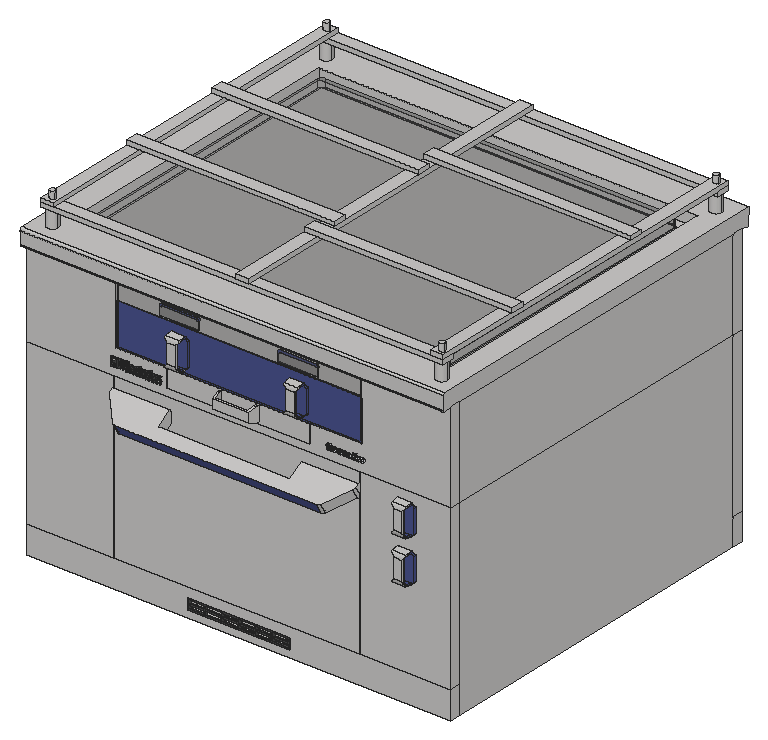
Revit family "QF_ELECTROLUXPROFESSIONAL_589885_MCLOECJ8DM", category Specialty Equipment, Revit 2014 (continued)
Definition of nested family "Front_Panel_W1000_Two Knobs_Back"
  Definition of nested family "ELX_Professional_Logo_Small"
    Forms (mm)
      Extrusion 2, solid, material "QF_Finishes_Black" <- "Material_Logo"
        sketch origin (15.5, 0, 0) x (1, 0, 0) y (0, 1, 0)
          loop
            line (2.865, 4.69) -> (3.898, 4.586) -> (3.898, 6.983)
          loop
            spline (15.638, 1.633) -> (15.586, 2.396) -> (15.435, 3.124) -> (15.192, 3.81) -> (14.863, 4.449) -> (14.455, 5.034) -> (13.975, 5.56) -> (13.43, 6.021) -> (12.826, 6.411) -> (12.17, 6.724) -> (11.469, 6.955) -> (10.729, 7.098) -> (9.958, 7.147)
            spline (9.958, 7.147) -> (9.182, 7.098) -> (8.44, 6.955) -> (7.737, 6.724) -> (7.081, 6.411) -> (6.477, 6.021) -> (5.933, 5.56) -> (5.454, 5.034) -> (5.048, 4.449) -> (4.721, 3.81) -> (4.479, 3.124) -> (4.329, 2.396) -> (4.277, 1.633)
            spline (4.277, 1.633) -> (4.329, 0.869) -> (4.479, 0.141) -> (4.721, -0.544) -> (5.048, -1.183) -> (5.454, -1.768) -> (5.933, -2.294) -> (6.477, -2.755) -> (7.081, -3.145) -> (7.737, -3.459) -> (8.44, -3.69) -> (9.182, -3.833) -> (9.958, -3.882)
            spline (9.958, -3.882) -> (10.729, -3.833) -> (11.469, -3.69) -> (12.17, -3.459) -> (12.826, -3.145) -> (13.43, -2.755) -> (13.975, -2.294) -> (14.455, -1.768) -> (14.863, -1.183) -> (15.192, -0.544) -> (15.435, 0.141) -> (15.586, 0.869) -> (15.638, 1.633)
          loop
            spline (13.18, 1.633) -> (13.151, 2.083) -> (13.067, 2.513) -> (12.932, 2.918) -> (12.748, 3.296) -> (12.52, 3.642) -> (12.251, 3.954) -> (11.943, 4.227) -> (11.601, 4.459) -> (11.228, 4.645) -> (10.828, 4.782) -> (10.403, 4.867) -> (9.958, 4.896)
            spline (9.958, 4.896) -> (9.509, 4.867) -> (9.081, 4.782) -> (8.679, 4.645) -> (8.306, 4.459) -> (7.964, 4.227) -> (7.658, 3.954) -> (7.39, 3.642) -> (7.163, 3.296) -> (6.981, 2.918) -> (6.847, 2.513) -> (6.765, 2.083) -> (6.736, 1.633)
            spline (6.736, 1.633) -> (6.765, 1.182) -> (6.847, 0.753) -> (6.981, 0.347) -> (7.163, -0.031) -> (7.39, -0.377) -> (7.658, -0.689) -> (7.964, -0.962) -> (8.306, -1.193) -> (8.679, -1.38) -> (9.081, -1.517) -> (9.509, -1.602) -> (9.958, -1.631)
            spline (9.958, -1.631) -> (10.403, -1.602) -> (10.828, -1.517) -> (11.228, -1.38) -> (11.601, -1.193) -> (11.943, -0.962) -> (12.251, -0.689) -> (12.52, -0.377) -> (12.748, -0.031) -> (12.932, 0.347) -> (13.067, 0.753) -> (13.151, 1.182) -> (13.18, 1.633)
          loop
            line (17.162, 4.269) -> (17.162, -3.573) -> (19.642, -3.573) -> (19.642, 10.824) -> (17.162, 10.824) -> (17.162, 4.269)
          loop
            line (28.581, 6.838) -> (28.581, 0.786)
            spline (28.581, 0.786) -> (28.561, 0.393) -> (28.503, 0.038) -> (28.409, -0.279) -> (28.281, -0.559) -> (28.122, -0.802) -> (27.933, -1.011) -> (27.717, -1.185) -> (27.476, -1.325) -> (27.213, -1.433) -> (26.929, -1.509) -> (26.626, -1.554) -> (26.308, -1.569)
            spline (26.308, -1.569) -> (25.99, -1.554) -> (25.688, -1.509) -> (25.404, -1.434) -> (25.141, -1.326) -> (24.9, -1.187) -> (24.684, -1.014) -> (24.496, -0.807) -> (24.336, -0.565) -> (24.209, -0.288) -> (24.115, 0.026) -> (24.057, 0.376) -> (24.037, 0.765)
            line (24.037, 0.765) -> (24.037, 6.838) -> (21.537, 6.838) -> (21.537, 0.558)
            spline (21.537, 0.558) -> (21.581, -0.153) -> (21.71, -0.8) -> (21.916, -1.384) -> (22.195, -1.904) -> (22.54, -2.362) -> (22.944, -2.757) -> (23.403, -3.09) -> (23.909, -3.362) -> (24.456, -3.572) -> (25.04, -3.722) -> (25.652, -3.811) -> (26.288, -3.841)
            spline (26.288, -3.841) -> (26.929, -3.811) -> (27.547, -3.72) -> (28.135, -3.568) -> (28.687, -3.355) -> (29.197, -3.079) -> (29.66, -2.741) -> (30.068, -2.341) -> (30.415, -1.877) -> (30.696, -1.349) -> (30.905, -0.757) -> (31.034, -0.101) -> (31.079, 0.621)
            line (31.079, 0.621) -> (31.079, 6.838) -> (28.581, 6.838)
          loop
            line (40.457, -0.243) -> (38.894, 1.942) -> (40.83, 4.579) -> (42.488, 6.837) -> (39.782, 6.837) -> (37.53, 3.719) -> (35.258, 6.837) -> (32.573, 6.837) -> (34.113, 4.731) -> (36.167, 1.922) -> (34.014, -1.076) -> (32.222, -3.573) -> (34.887, -3.573) -> (37.53, 0.104) -> (40.174, -3.573) -> (42.839, -3.573) -> (40.457, -0.243)
          loop
            line (-46.121, -5.837) -> (-48.039, -5.837) -> (-48.039, -10.814) -> (-47.016, -10.814) -> (-47.016, -9.128) -> (-46.121, -9.128)
            arc (-46.121, -9.128) -> (-44.476, -7.482) -> (-46.121, -5.837) r 1.645
          loop
            line (-46.163, -6.778) -> (-47.016, -6.778) -> (-47.016, -8.187) -> (-46.163, -8.187)
            arc (-46.163, -8.187) -> (-45.458, -7.482) -> (-46.163, -6.778) r 0.704
          loop
            line (-38.313, -5.837) -> (-40.265, -5.837) -> (-40.265, -10.814) -> (-39.241, -10.814) -> (-39.241, -9.1) -> (-38.46, -9.182) -> (-37.48, -10.814) -> (-36.318, -10.814) -> (-37.513, -8.848)
            arc (-37.513, -8.848) -> (-36.888, -8.266) -> (-36.671, -7.441) r 1.536
            arc (-36.671, -7.441) -> (-37.165, -6.305) -> (-38.313, -5.837) r 1.643
          loop
            arc (-38.402, -8.166) -> (-37.707, -7.505) -> (-38.334, -6.778) r 0.696
            line (-38.334, -6.778) -> (-39.241, -6.778) -> (-39.241, -8.166) -> (-38.402, -8.166)
          loop
            circle (-29.965, -8.325) r 2.585
          loop
            circle (-29.965, -8.325) r 1.64
          loop
            line (-23.1, -5.837) -> (-23.1, -10.814) -> (-22.076, -10.814) -> (-22.076, -8.768) -> (-20.204, -8.768) -> (-20.204, -7.828) -> (-22.076, -7.828) -> (-22.076, -6.778) -> (-20.024, -6.778) -> (-20.024, -5.837) -> (-23.1, -5.837)
          loop
            line (-15.802, -5.837) -> (-15.802, -9.2)
            arc (-15.802, -9.2) -> (-15.343, -10.34) -> (-14.209, -10.814) r 1.593
            line (-14.209, -10.814) -> (-12.602, -10.814) -> (-12.602, -10.027) -> (-14.004, -10.027)
            arc (-14.004, -10.027) -> (-14.552, -9.8) -> (-14.779, -9.252) r 0.775
            line (-14.779, -9.252) -> (-14.779, -8.424) -> (-12.789, -8.424) -> (-12.789, -7.642) -> (-14.779, -7.642) -> (-14.779, -6.778) -> (-12.651, -6.778) -> (-12.651, -5.837) -> (-15.802, -5.837)
          loop
            line (-5.909, -7.143) -> (-5.173, -6.638)
            arc (-5.173, -6.638) -> (-5.855, -5.974) -> (-6.781, -5.755) r 1.782
            arc (-6.781, -5.755) -> (-7.397, -5.878) -> (-7.944, -6.189) r 1.974
            arc (-7.944, -6.189) -> (-8.202, -6.5) -> (-8.317, -6.888) r 1.013
            arc (-8.317, -6.888) -> (-8.306, -7.341) -> (-8.192, -7.78) r 1.985
            arc (-8.192, -7.78) -> (-7.749, -8.259) -> (-7.171, -8.563) r 1.928
            arc (-7.171, -8.563) -> (-6.637, -8.779) -> (-6.131, -9.056) r 5.041
            arc (-6.131, -9.056) -> (-5.934, -9.387) -> (-6.09, -9.74) r 0.42
            arc (-6.09, -9.74) -> (-6.631, -9.96) -> (-7.204, -9.845) r 1.016
            arc (-7.204, -9.845) -> (-7.625, -9.603) -> (-7.889, -9.196) r 1.033
            line (-7.889, -9.196) -> (-8.67, -9.686)
            arc (-8.67, -9.686) -> (-8.361, -10.198) -> (-7.908, -10.589) r 1.914
            arc (-7.908, -10.589) -> (-7.334, -10.834) -> (-6.714, -10.896) r 2.063
            arc (-6.714, -10.896) -> (-5.947, -10.743) -> (-5.256, -10.376) r 2.696
            arc (-5.256, -10.376) -> (-4.95, -9.565) -> (-5.108, -8.712) r 1.618
            arc (-5.108, -8.712) -> (-5.448, -8.319) -> (-5.884, -8.035) r 1.876
            arc (-5.884, -8.035) -> (-6.434, -7.789) -> (-6.999, -7.577) r 9.883
            arc (-6.999, -7.577) -> (-7.325, -7.07) -> (-6.854, -6.694) r 0.45
            arc (-6.854, -6.694) -> (-6.329, -6.809) -> (-5.909, -7.143) r 1.197
          loop
            line (1.61, -7.143) -> (2.345, -6.638)
            arc (2.345, -6.638) -> (1.663, -5.974) -> (0.737, -5.755) r 1.782
            arc (0.737, -5.755) -> (0.121, -5.878) -> (-0.425, -6.189) r 1.974
            arc (-0.425, -6.189) -> (-0.683, -6.5) -> (-0.799, -6.888) r 1.013
            arc (-0.799, -6.888) -> (-0.788, -7.341) -> (-0.674, -7.78) r 1.985
            arc (-0.674, -7.78) -> (-0.231, -8.259) -> (0.347, -8.563) r 1.928
            arc (0.347, -8.563) -> (0.881, -8.779) -> (1.387, -9.056) r 5.041
            arc (1.387, -9.056) -> (1.584, -9.387) -> (1.428, -9.74) r 0.42
            arc (1.428, -9.74) -> (0.887, -9.96) -> (0.314, -9.845) r 1.016
            arc (0.314, -9.845) -> (-0.107, -9.603) -> (-0.371, -9.196) r 1.033
            line (-0.371, -9.196) -> (-1.152, -9.686)
            arc (-1.152, -9.686) -> (-0.842, -10.198) -> (-0.39, -10.589) r 1.914
            arc (-0.39, -10.589) -> (0.184, -10.834) -> (0.804, -10.896) r 2.063
            arc (0.804, -10.896) -> (1.572, -10.743) -> (2.263, -10.376) r 2.696
            arc (2.263, -10.376) -> (2.568, -9.565) -> (2.411, -8.712) r 1.618
            arc (2.411, -8.712) -> (2.07, -8.319) -> (1.635, -8.035) r 1.876
            arc (1.635, -8.035) -> (1.084, -7.789) -> (0.519, -7.577) r 9.883
            arc (0.519, -7.577) -> (0.193, -7.07) -> (0.665, -6.694) r 0.45
            arc (0.665, -6.694) -> (1.189, -6.809) -> (1.61, -7.143) r 1.197
          loop
            line (6.801, -5.837) -> (6.801, -10.814) -> (7.825, -10.814) -> (7.825, -5.837) -> (6.801, -5.837)
          loop
            circle (14.724, -8.325) r 1.548
          loop
            circle (14.724, -8.325) r 2.585
          loop
            line (21.59, -10.814) -> (22.623, -10.814) -> (22.623, -7.685) -> (24.9, -10.814) -> (25.895, -10.814) -> (25.895, -5.837) -> (24.861, -5.837) -> (24.861, -9.061) -> (22.585, -5.837) -> (21.59, -5.837) -> (21.59, -10.814)
          loop
            line (31.054, -10.814) -> (31.539, -9.74) -> (33.38, -9.74) -> (33.865, -10.814) -> (34.965, -10.814) -> (32.46, -5.837) -> (29.956, -10.814) -> (31.054, -10.814)
          loop
            line (32.46, -7.698) -> (31.999, -8.719) -> (32.921, -8.719) -> (32.46, -7.698)
          loop
            line (40.047, -9.873) -> (40.047, -5.837) -> (39.024, -5.837) -> (39.024, -10.814) -> (41.961, -10.814) -> (41.961, -9.873) -> (40.047, -9.873)
          loop
            line (-74.986, -10.814) -> (-53.322, -10.814) -> (-53.322, 10.82) -> (-74.986, 10.82) -> (-74.986, -10.814)
          loop
            line (-61.261, 9.758) -> (-61.261, -9.707)
            arc (-61.261, -9.707) -> (-54.066, 0.025) -> (-61.261, 9.758) r 10.18
          loop
            line (-62.251, 8.349) -> (-62.251, 9.758)
            arc (-62.251, 9.758) -> (-70.347, 7.918) -> (-74.247, 0.59) r 9.976
            line (-74.247, 0.59) -> (-71.026, 0.59)
            arc (-71.026, 0.59) -> (-65.274, 2.925) -> (-62.251, 8.349) r 9.351
          loop
            arc (-74.247, -0.539) -> (-70.353, -7.928) -> (-62.251, -9.957) r 10.237
            line (-62.251, -9.957) -> (-62.251, -8.298)
            arc (-62.251, -8.298) -> (-65.274, -2.874) -> (-71.026, -0.539) r 9.351
            line (-71.026, -0.539) -> (-74.247, -0.539)
        from 0 to 1.644
    Dimensions and locks
      aligned and locked: plane 2 to Extrusion 1
      aligned and locked: level to Extrusion 1
